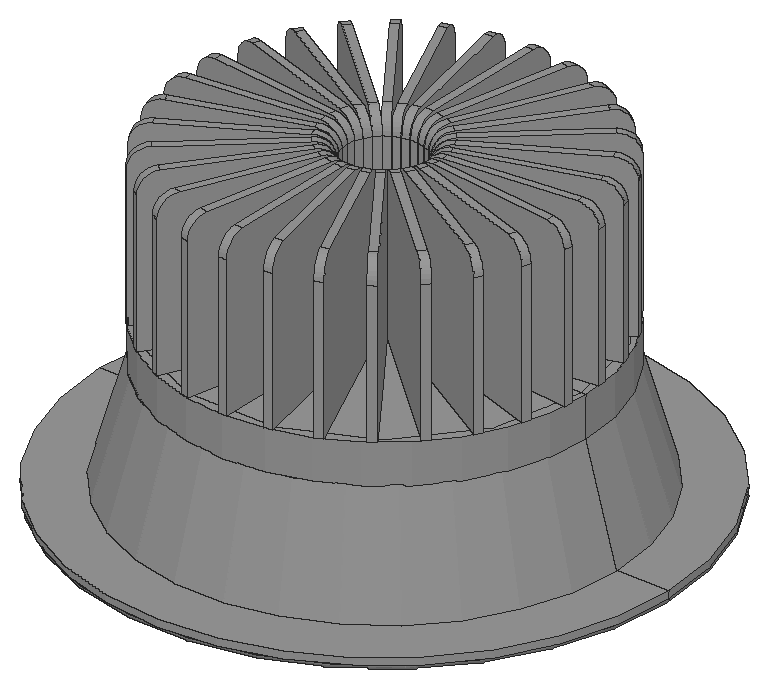
Revit family "WIL2_63_UN_Downlighter_ETK", category Lighting Fixtures, Revit 2017 (continued)
Definition of nested family "WIL.2 - Lightsource"
  Types (8, lengths in mm): name | Wattage Comments | Wattage | built-in parameter 1150134 | Photometric Web File | built-in parameter 1150142 | built-in parameter 1150105 | Lumens | built-in parameter 1150107 | built-in parameter 1150106 | Apparent Load
    WIL.2400.10 - LED 18W / 2500lm / 4000K | "13W" | 16.8303 W | 12 | "WIL.2400.10.ies" | "IESNA:LM-63-2002\r\n[TEST] /2017\r\n[TESTLAB] ies2eulumdat.appspot.com\r\n[ISSUEDATE] 2020-11-13T14:10:14.874\r\n[MANUFAC] www.etk.nl\r\n[LUMCAT] WIL.2400.10\r\n[LUMINAIRE] WIL.2 LED 18W 4000K helder wit ??145 IP43\r\n[LAMPCAT] LED\r\n[LAMP] LED\r\nTILT=NONE\r\n1\t2016\t1\t19\t72\t1\t2\t-0.088\t-0.088\t0.001\r\n1.0\t1.0\t18.00\r\n0\t 5\t 10\t 15\t 20\t 25\t 30\t 35\t 40\t 45\r\n50\t 55\t 60\t 65\t 70\t 75\t 80\t 85\t 90\r\n0\t 5\t 10\t 15\t 20\t 25\t 30\t 35\t 40\t 45\r\n50\t 55\t 60\t 65\t 70\t 75\t 80\t 85\t 90\t 95\r\n100\t 105\t 110\t 115\t 120\t 125\t 130\t 135\t 140\t 145\r\n150\t 155\t 160\t 165\t 170\t 175\t 180\t 185\t 190\t 195\r\n200\t 205\t 210\t 215\t 220\t 225\t 230\t 235\t 240\t 245\r\n250\t 255\t 260\t 265\t 270\t 275\t 280\t 285\t 290\t 295\r\n300\t 305\t 310\t 315\t 320\t 325\t 330\t 335\t 340\t 345\r\n350\t 355\r\n1759.7261\t1730.9174\t1653.4627\t1505.3875\t1311.0048\t1192.4237\t982.6992\t829.1606\t655.5629\t294.7594\r\n54.7344\t46.4083\t36.9331\t25.2403\t23.1235\t17.6602\t16.4909\t9.1325\t1.1894\r\n1759.7261\t1731.3408\t1654.4102\t1504.3795\t1309.3718\t1190.4883\t983.6266\t830.9347\t657.337\t303.2266\r\n55.2182\t46.8317\t36.9331\t25.2\t23.688\t17.1965\t16.4304\t9.1325\t1.1894\r\n1759.7261\t1732.2278\t1655.2973\t1504.3795\t1308.9485\t1187.2829\t983.2234\t832.5072\t659.2118\t312.0365\r\n55.6819\t47.2349\t37.7597\t25.2\t23.6275\t17.6602\t16.8739\t9.5558\t1.1894\r\n1759.7261\t1731.8045\t1653.9869\t1504.4602\t1309.775\t1185.9926\t982.2355\t833.5958\t660.0989\t319.5562\r\n56.0851\t48.1622\t38.2032\t25.6234\t23.6275\t17.6602\t16.8739\t9.9994\t1.2701\r\n1759.7261\t1732.5706\t1654.4102\t1504.3795\t1309.4726\t1183.9565\t982.296\t835.0675\t661.3891\t328.0234\r\n56.9923\t48.1219\t38.5862\t25.9862\t23.688\t18.0835\t17.7811\t9.9994\t1.2701\r\n1759.7261\t1732.5706\t1654.9344\t1504.8029\t1308.6461\t1185.4483\t982.3766\t836.2166\t661.9334\t335.16\r\n58.3834\t49.0493\t39.937\t26.4701\t24.1114\t18.023\t17.3376\t9.9994\t1.2701\r\n1759.7261\t1735.0502\t1657.1923\t1504.8835\t1307.4768\t1185.8918\t984.3523\t836.2973\t663.7478\t343.1434\r\n59.3309\t49.9565\t40.7635\t26.4701\t24.6154\t18.0835\t17.3376\t9.9994\t1.1894\r\n1759.7261\t1735.8566\t1656.2246\t1504.0166\t1307.4768\t1187.6659\t986.6707\t837.769\t664.6954\t351.1469\r\n59.7542\t50.8435\t41.1466\t27.2563\t23.6275\t18.4666\t17.7408\t10.9066\t1.1894\r\n1759.7261\t1737.5098\t1657.2125\t1504.944\t1309.1904\t1190.1456\t986.7312\t837.8294\t664.7357\t355.3805\r\n60.2381\t51.287\t41.5901\t26.4096\t24.1114\t18.4666\t17.7811\t10.463\t1.6128\r\n1759.7261\t1738.8\t1656.7891\t1505.0246\t1308.8477\t1192.2422\t989.9568\t837.8294\t664.2922\t359.231\r\n60.6816\t51.7104\t42.0336\t26.7725\t24.6154\t18.4061\t17.7811\t10.463\t1.6128\r\n1759.7261\t1740.4531\t1657.2125\t1505.0246\t1310.4806\t1196.8589\t992.3357\t837.4464\t665.2195\t367.5974\r\n60.6816\t51.7104\t42.4166\t27.6192\t24.6154\t18.4262\t18.1843\t10.4026\t1.6128\r\n1759.7261\t1739.6467\t1657.7366\t1506.073\t1311.7306\t1198.9555\t995.1178\t837.5069\t666.9533\t374.3309\r\n60.6413\t52.1741\t42.8803\t27.1958\t24.6154\t18.4262\t17.7408\t10.463\t1.6128\r\n1759.7261\t1740.9168\t1657.7165\t1506.1133\t1312.2144\t1199.6611\t997.416\t838.9181\t669.2314\t379.7539\r\n61.105\t52.5974\t43.2634\t27.1958\t24.5549\t18.8698\t18.2246\t9.9994\t1.6128\r\n1759.7261\t1742.0861\t1658.2205\t1508.5728\t1316.327\t1202.4835\t998.7466\t841.1155\t670.0579\t382.2941\r\n61.5888\t53.0611\t44.0899\t27.6192\t25.5226\t18.8294\t18.648\t10.4429\t1.6128\r\n1759.7261\t1742.5699\t1657.3334\t1509.5203\t1318.0406\t1205.6285\t1001.5085\t842.5469\t670.9853\t385.1568\r\n62.0525\t53.0611\t44.0899\t28.0426\t25.0387\t19.2931\t18.6883\t9.9994\t1.1894\r\n1759.7261\t1745.1907\t1658.7446\t1510.5283\t1319.6938\t1209.8419\t1004.6938\t843.6355\t673.6061\t387.2938\r\n62.0122\t53.0611\t45.0374\t28.0426\t25.5226\t18.8294\t18.648\t10.4429\t1.1894\r\n1759.7261\t1743.8198\t1659.168\t1509.5203\t1322.2339\t1214.0957\t1007.0525\t847.6272\t676.2672\t388.5638\r\n62.0122\t53.5046\t44.977\t28.4861\t25.5226\t18.8294\t18.1843\t10.4429\t1.1894\r\n1759.7261\t1746.36\t1660.5792\t1510.4477\t1324.2902\t1218.2285\t1009.3104\t850.5302\t677.1139\t388.4832\r\n62.0122\t53.5046\t44.5334\t28.4256\t25.5427\t18.8698\t18.1843\t9.9994\t1.2701\r\n1759.7261\t1747.2269\t1661.5469\t1511.0525\t1327.657\t1220.2646\t1012.0723\t851.6189\t678.001\t389.3501\r\n62.0122\t53.4643\t45.4205\t28.4256\t25.0387\t19.2931\t18.1843\t9.9994\t1.2701\r\n1759.7261\t1746.36\t1660.5792\t1510.4477\t1324.2902\t1218.2285\t1009.3104\t850.5302\t677.1139\t388.4832\r\n62.0122\t53.5046\t44.5334\t28.4256\t25.5427\t18.8698\t18.1843\t9.9994\t1.2701\r\n1759.7261\t1743.8198\t1659.168\t1509.5203\t1322.2339\t1214.0957\t1007.0525\t847.6272\t676.2672\t388.5638\r\n62.0122\t53.5046\t44.977\t28.4861\t25.5226\t18.8294\t18.1843\t10.4429\t1.1894\r\n1759.7261\t1745.1907\t1658.7446\t1510.5283\t1319.6938\t1209.8419\t1004.6938\t843.6355\t673.6061\t387.2938\r\n62.0122\t53.0611\t45.0374\t28.0426\t25.5226\t18.8294\t18.648\t10.4429\t1.1894\r\n1759.7261\t1742.5699\t1657.3334\t1509.5203\t1318.0406\t1205.6285\t1001.5085\t842.5469\t670.9853\t385.1568\r\n62.0525\t53.0611\t44.0899\t28.0426\t25.0387\t19.2931\t18.6883\t9.9994\t1.1894\r\n1759.7261\t1742.0861\t1658.2205\t1508.5728\t1316.327\t1202.4835\t998.7466\t841.1155\t670.0579\t382.2941\r\n61.5888\t53.0611\t44.0899\t27.6192\t25.5226\t18.8294\t18.648\t10.4429\t1.6128\r\n1759.7261\t1740.9168\t1657.7165\t1506.1133\t1312.2144\t1199.6611\t997.416\t838.9181\t669.2314\t379.7539\r\n61.105\t52.5974\t43.2634\t27.1958\t24.5549\t18.8698\t18.2246\t9.9994\t1.6128\r\n1759.7261\t1739.6467\t1657.7366\t1506.073\t1311.7306\t1198.9555\t995.1178\t837.5069\t666.9533\t374.3309\r\n60.6413\t52.1741\t42.8803\t27.1958\t24.6154\t18.4262\t17.7408\t10.463\t1.6128\r\n1759.7261\t1740.4531\t1657.2125\t1505.0246\t1310.4806\t1196.8589\t992.3357\t837.4464\t665.2195\t367.5974\r\n60.6816\t51.7104\t42.4166\t27.6192\t24.6154\t18.4262\t18.1843\t10.4026\t1.6128\r\n1759.7261\t1738.8\t1656.7891\t1505.0246\t1308.8477\t1192.2422\t989.9568\t837.8294\t664.2922\t359.231\r\n60.6816\t51.7104\t42.0336\t26.7725\t24.6154\t18.4061\t17.7811\t10.463\t1.6128\r\n1759.7261\t1737.5098\t1657.2125\t1504.944\t1309.1904\t1190.1456\t986.7312\t837.8294\t664.7357\t355.3805\r\n60.2381\t51.287\t41.5901\t26.4096\t24.1114\t18.4666\t17.7811\t10.463\t1.6128\r\n1759.7261\t1735.8566\t1656.2246\t1504.0166\t1307.4768\t1187.6659\t986.6707\t837.769\t664.6954\t351.1469\r\n59.7542\t50.8435\t41.1466\t27.2563\t23.6275\t18.4666\t17.7408\t10.9066\t1.1894\r\n1759.7261\t1735.0502\t1657.1923\t1504.8835\t1307.4768\t1185.8918\t984.3523\t836.2973\t663.7478\t343.1434\r\n59.3309\t49.9565\t40.7635\t26.4701\t24.6154\t18.0835\t17.3376\t9.9994\t1.1894\r\n1759.7261\t1732.5706\t1654.9344\t1504.8029\t1308.6461\t1185.4483\t982.3766\t836.2166\t661.9334\t335.16\r\n58.3834\t49.0493\t39.937\t26.4701\t24.1114\t18.023\t17.3376\t9.9994\t1.2701\r\n1759.7261\t1732.5706\t1654.4102\t1504.3795\t1309.4726\t1183.9565\t982.296\t835.0675\t661.3891\t328.0234\r\n56.9923\t48.1219\t38.5862\t25.9862\t23.688\t18.0835\t17.7811\t9.9994\t1.2701\r\n1759.7261\t1731.8045\t1653.9869\t1504.4602\t1309.775\t1185.9926\t982.2355\t833.5958\t660.0989\t319.5562\r\n56.0851\t48.1622\t38.2032\t25.6234\t23.6275\t17.6602\t16.8739\t9.9994\t1.2701\r\n1759.7261\t1732.2278\t1655.2973\t1504.3795\t1308.9485\t1187.2829\t983.2234\t832.5072\t659.2118\t312.0365\r\n55.6819\t47.2349\t37.7597\t25.2\t23.6275\t17.6602\t16.8739\t9.5558\t1.1894\r\n1759.7261\t1731.3408\t1654.4102\t1504.3795\t1309.3718\t1190.4883\t983.6266\t830.9347\t657.337\t303.2266\r\n55.2182\t46.8317\t36.9331\t25.2\t23.688\t17.1965\t16.4304\t9.1325\t1.1894\r\n1759.7261\t1730.9174\t1653.4627\t1505.3875\t1311.0048\t1192.4237\t982.6992\t829.1606\t655.5629\t294.7594\r\n54.7344\t46.4083\t36.9331\t25.2403\t23.1235\t17.6602\t16.4909\t9.1325\t1.1894\r\n1759.7261\t1731.3408\t1654.4102\t1504.3795\t1309.3718\t1190.4883\t983.6266\t830.9347\t657.337\t303.2266\r\n55.2182\t46.8317\t36.9331\t25.2\t23.688\t17.1965\t16.4304\t9.1325\t1.1894\r\n1759.7261\t1732.2278\t1655.2973\t1504.3795\t1308.9485\t1187.2829\t983.2234\t832.5072\t659.2118\t312.0365\r\n55.6819\t47.2349\t37.7597\t25.2\t23.6275\t17.6602\t16.8739\t9.5558\t1.1894\r\n1759.7261\t1731.8045\t1653.9869\t1504.4602\t1309.775\t1185.9926\t982.2355\t833.5958\t660.0989\t319.5562\r\n56.0851\t48.1622\t38.2032\t25.6234\t23.6275\t17.6602\t16.8739\t9.9994\t1.2701\r\n1759.7261\t1732.5706\t1654.4102\t1504.3795\t1309.4726\t1183.9565\t982.296\t835.0675\t661.3891\t328.0234\r\n56.9923\t48.1219\t38.5862\t25.9862\t23.688\t18.0835\t17.7811\t9.9994\t1.2701\r\n1759.7261\t1732.5706\t1654.9344\t1504.8029\t1308.6461\t1185.4483\t982.3766\t836.2166\t661.9334\t335.16\r\n58.3834\t49.0493\t39.937\t26.4701\t24.1114\t18.023\t17.3376\t9.9994\t1.2701\r\n1759.7261\t1735.0502\t1657.1923\t1504.8835\t1307.4768\t1185.8918\t984.3523\t836.2973\t663.7478\t343.1434\r\n59.3309\t49.9565\t40.7635\t26.4701\t24.6154\t18.0835\t17.3376\t9.9994\t1.1894\r\n1759.7261\t1735.8566\t1656.2246\t1504.0166\t1307.4768\t1187.6659\t986.6707\t837.769\t664.6954\t351.1469\r\n59.7542\t50.8435\t41.1466\t27.2563\t23.6275\t18.4666\t17.7408\t10.9066\t1.1894\r\n1759.7261\t1737.5098\t1657.2125\t1504.944\t1309.1904\t1190.1456\t986.7312\t837.8294\t664.7357\t355.3805\r\n60.2381\t51.287\t41.5901\t26.4096\t24.1114\t18.4666\t17.7811\t10.463\t1.6128\r\n1759.7261\t1738.8\t1656.7891\t1505.0246\t1308.8477\t1192.2422\t989.9568\t837.8294\t664.2922\t359.231\r\n60.6816\t51.7104\t42.0336\t26.7725\t24.6154\t18.4061\t17.7811\t10.463\t1.6128\r\n1759.7261\t1740.4531\t1657.2125\t1505.0246\t1310.4806\t1196.8589\t992.3357\t837.4464\t665.2195\t367.5974\r\n60.6816\t51.7104\t42.4166\t27.6192\t24.6154\t18.4262\t18.1843\t10.4026\t1.6128\r\n1759.7261\t1739.6467\t1657.7366\t1506.073\t1311.7306\t1198.9555\t995.1178\t837.5069\t666.9533\t374.3309\r\n60.6413\t52.1741\t42.8803\t27.1958\t24.6154\t18.4262\t17.7408\t10.463\t1.6128\r\n1759.7261\t1740.9168\t1657.7165\t1506.1133\t1312.2144\t1199.6611\t997.416\t838.9181\t669.2314\t379.7539\r\n61.105\t52.5974\t43.2634\t27.1958\t24.5549\t18.8698\t18.2246\t9.9994\t1.6128\r\n1759.7261\t1742.0861\t1658.2205\t1508.5728\t1316.327\t1202.4835\t998.7466\t841.1155\t670.0579\t382.2941\r\n61.5888\t53.0611\t44.0899\t27.6192\t25.5226\t18.8294\t18.648\t10.4429\t1.6128\r\n1759.7261\t1742.5699\t1657.3334\t1509.5203\t1318.0406\t1205.6285\t1001.5085\t842.5469\t670.9853\t385.1568\r\n62.0525\t53.0611\t44.0899\t28.0426\t25.0387\t19.2931\t18.6883\t9.9994\t1.1894\r\n1759.7261\t1745.1907\t1658.7446\t1510.5283\t1319.6938\t1209.8419\t1004.6938\t843.6355\t673.6061\t387.2938\r\n62.0122\t53.0611\t45.0374\t28.0426\t25.5226\t18.8294\t18.648\t10.4429\t1.1894\r\n1759.7261\t1743.8198\t1659.168\t1509.5203\t1322.2339\t1214.0957\t1007.0525\t847.6272\t676.2672\t388.5638\r\n62.0122\t53.5046\t44.977\t28.4861\t25.5226\t18.8294\t18.1843\t10.4429\t1.1894\r\n1759.7261\t1746.36\t1660.5792\t1510.4477\t1324.2902\t1218.2285\t1009.3104\t850.5302\t677.1139\t388.4832\r\n62.0122\t53.5046\t44.5334\t28.4256\t25.5427\t18.8698\t18.1843\t9.9994\t1.2701\r\n1759.7261\t1747.2269\t1661.5469\t1511.0525\t1327.657\t1220.2646\t1012.0723\t851.6189\t678.001\t389.3501\r\n62.0122\t53.4643\t45.4205\t28.4256\t25.0387\t19.2931\t18.1843\t9.9994\t1.2701\r\n1759.7261\t1746.36\t1660.5792\t1510.4477\t1324.2902\t1218.2285\t1009.3104\t850.5302\t677.1139\t388.4832\r\n62.0122\t53.5046\t44.5334\t28.4256\t25.5427\t18.8698\t18.1843\t9.9994\t1.2701\r\n1759.7261\t1743.8198\t1659.168\t1509.5203\t1322.2339\t1214.0957\t1007.0525\t847.6272\t676.2672\t388.5638\r\n62.0122\t53.5046\t44.977\t28.4861\t25.5226\t18.8294\t18.1843\t10.4429\t1.1894\r\n1759.7261\t1745.1907\t1658.7446\t1510.5283\t1319.6938\t1209.8419\t1004.6938\t843.6355\t673.6061\t387.2938\r\n62.0122\t53.0611\t45.0374\t28.0426\t25.5226\t18.8294\t18.648\t10.4429\t1.1894\r\n1759.7261\t1742.5699\t1657.3334\t1509.5203\t1318.0406\t1205.6285\t1001.5085\t842.5469\t670.9853\t385.1568\r\n62.0525\t53.0611\t44.0899\t28.0426\t25.0387\t19.2931\t18.6883\t9.9994\t1.1894\r\n1759.7261\t1742.0861\t1658.2205\t1508.5728\t1316.327\t1202.4835\t998.7466\t841.1155\t670.0579\t382.2941\r\n61.5888\t53.0611\t44.0899\t27.6192\t25.5226\t18.8294\t18.648\t10.4429\t1.6128\r\n1759.7261\t1740.9168\t1657.7165\t1506.1133\t1312.2144\t1199.6611\t997.416\t838.9181\t669.2314\t379.7539\r\n61.105\t52.5974\t43.2634\t27.1958\t24.5549\t18.8698\t18.2246\t9.9994\t1.6128\r\n1759.7261\t1739.6467\t1657.7366\t1506.073\t1311.7306\t1198.9555\t995.1178\t837.5069\t666.9533\t374.3309\r\n60.6413\t52.1741\t42.8803\t27.1958\t24.6154\t18.4262\t17.7408\t10.463\t1.6128\r\n1759.7261\t1740.4531\t1657.2125\t1505.0246\t1310.4806\t1196.8589\t992.3357\t837.4464\t665.2195\t367.5974\r\n60.6816\t51.7104\t42.4166\t27.6192\t24.6154\t18.4262\t18.1843\t10.4026\t1.6128\r\n1759.7261\t1738.8\t1656.7891\t1505.0246\t1308.8477\t1192.2422\t989.9568\t837.8294\t664.2922\t359.231\r\n60.6816\t51.7104\t42.0336\t26.7725\t24.6154\t18.4061\t17.7811\t10.463\t1.6128\r\n1759.7261\t1737.5098\t1657.2125\t1504.944\t1309.1904\t1190.1456\t986.7312\t837.8294\t664.7357\t355.3805\r\n60.2381\t51.287\t41.5901\t26.4096\t24.1114\t18.4666\t17.7811\t10.463\t1.6128\r\n1759.7261\t1735.8566\t1656.2246\t1504.0166\t1307.4768\t1187.6659\t986.6707\t837.769\t664.6954\t351.1469\r\n59.7542\t50.8435\t41.1466\t27.2563\t23.6275\t18.4666\t17.7408\t10.9066\t1.1894\r\n1759.7261\t1735.0502\t1657.1923\t1504.8835\t1307.4768\t1185.8918\t984.3523\t836.2973\t663.7478\t343.1434\r\n59.3309\t49.9565\t40.7635\t26.4701\t24.6154\t18.0835\t17.3376\t9.9994\t1.1894\r\n1759.7261\t1732.5706\t1654.9344\t1504.8029\t1308.6461\t1185.4483\t982.3766\t836.2166\t661.9334\t335.16\r\n58.3834\t49.0493\t39.937\t26.4701\t24.1114\t18.023\t17.3376\t9.9994\t1.2701\r\n1759.7261\t1732.5706\t1654.4102\t1504.3795\t1309.4726\t1183.9565\t982.296\t835.0675\t661.3891\t328.0234\r\n56.9923\t48.1219\t38.5862\t25.9862\t23.688\t18.0835\t17.7811\t9.9994\t1.2701\r\n1759.7261\t1731.8045\t1653.9869\t1504.4602\t1309.775\t1185.9926\t982.2355\t833.5958\t660.0989\t319.5562\r\n56.0851\t48.1622\t38.2032\t25.6234\t23.6275\t17.6602\t16.8739\t9.9994\t1.2701\r\n1759.7261\t1732.2278\t1655.2973\t1504.3795\t1308.9485\t1187.2829\t983.2234\t832.5072\t659.2118\t312.0365\r\n55.6819\t47.2349\t37.7597\t25.2\t23.6275\t17.6602\t16.8739\t9.5558\t1.1894\r\n1759.7261\t1731.3408\t1654.4102\t1504.3795\t1309.3718\t1190.4883\t983.6266\t830.9347\t657.337\t303.2266\r\n55.2182\t46.8317\t36.9331\t25.2\t23.688\t17.1965\t16.4304\t9.1325\t1.1894" | 4143.9 (stored number, unit not read) | 2500 lm | 4000 (stored number, unit not read) | 41.439 (stored number, unit not read) | 13 VA
